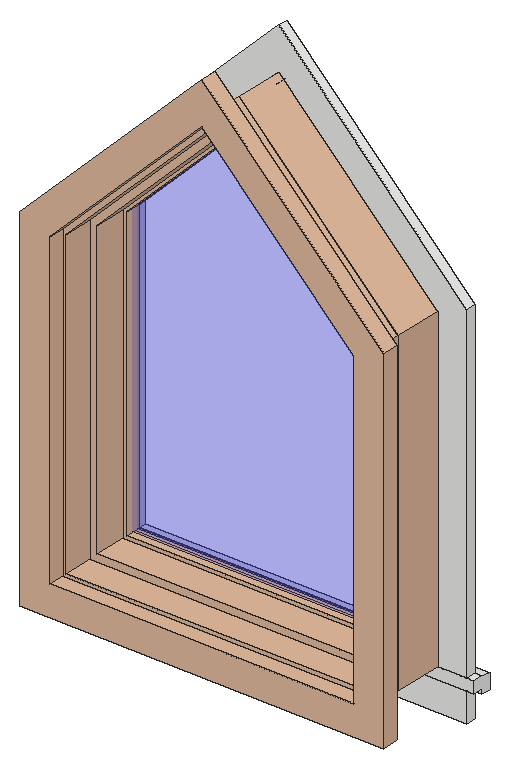
Revit family "2f8c640f82cc4c33a424db4873c3c6c3", category Windows, host Wall, Revit 2021
Family settings
  Host = Wall
  OmniClass Number = 23.30.20.17.11
  OmniClass Title = Fixed Windows
  Always vertical = Yes
  Cut with Voids When Loaded = No
  Shared = No
  Room Calculation Point = No
Parameters (values of type "24" x 36"")
  Window Inset [instance] = 0' - 0"
  Wall Thickness [instance] = 0' - 6"
  Visual Light Transmittance = 0.81
  Peak Height = 1' - 0"
  Thermal Resistance (R) = 1.8146 (h·ft²·°F)/BTU
  Solar Heat Gain Coefficient = 0.76
  Rough Width = Width + 0' 0 1/2"  # 2' - 0 1/2"
  Rough Height = Height + 0' 0 1/2"  # 3' - 0 1/2"
  Side Height = 2' - 0"
  Interior Wall Closure [instance] = 0' - 2 1/4"
  Interior Trim Visibility [instance] = yes
  Interior Trim Material = Wood - Stained
  Interior Trim = Trim-Window-Interior-Flat-Pentagon : Picture Frame
  Height = Peak Height + Side Height  # 3' - 0"
  Interior Frame Material = Wood - Stained
  Heat Transfer Coefficient (U) = 0.5511 BTU/(h·ft²·°F)
  Glass Panel Material = Glass
  Frame Extension [instance] = if(Exterior Trim Visibility, Window Inset + 0' 0 1/4", 0' 0 1/4")  # 0' - 0 1/4"
  Fire Rating = "0.5h"
  Exterior Wall Closure [instance] = 0' - 1 1/4"
  Exterior Trim Visibility [instance] = yes
  Exterior Trim Material = Clad - White
  Exterior Trim = Trim-Window-Exterior-Flat-Pentagon : with Sill
  Exterior Frame Material = Clad - White
  Extension Jamb Visibility [instance] = and(Interior Trim Visibility, Wall Thickness - Window Inset > 0' 3 3/4")  # yes
  Extension Jamb [instance] = if(Wall Thickness - Window Inset > 0' 3 3/4", Wall Thickness - Window Inset - 0' 3 3/4", 0' 1")  # 0' - 2 1/4"
  Distance 6 = (0' 1 1/2" - cos(Angle) * 0' 1 1/2") / sin(Angle)  # 0' - 0.62132"
  Distance 5 = (0' 0 3/4" - cos(Angle) * 0' 0 3/4") / sin(Angle)  # 0' - 0.31066"
  Distance 3 = 0' 1 1/2" / sin(Angle)  # 0' - 2.12132"
  Distance 2 = 0' 0 3/4" / sin(Angle)  # 0' - 1.06066"
  Distance 1 = 0' 0 1/2" / sin(Angle)  # 0' - 0.70711"
  Distance 4 = (0' 0 1/2" - cos(Angle) * 0' 0 1/2") / sin(Angle)  # 0' - 0.20711"
  Default Sill Height = 3' - 0"
  Wall Closure = By host
  Width = 2' - 0"
  Assembly Code = "B2020100"
  Angle = atan(0.5 * Width / Peak Height)  # 45.00°
  Analytic Construction = "Double glazing - domestic"
Reference planes (in)
  plane 1 "Center (Front/Back)": y = 0
  plane 2: z = 0
  plane 3 "Center (Left/Right)": x = 0
  plane 4 "Left": x = -12
  plane 5 "Right": x = 12
  plane 6 "Sill": z = 36
  plane 7 "Top": z = 72
  plane 8 "Inset Face": y = 3
  plane 9 "Wall Closure": y = -0.75
  plane 10 "Sash Face": y = 3.5
  plane 11 "Exterior": y = 3
  plane 12: x = 11.5
  plane 13: x = -11.5
  plane 14: z = 71.5
  plane 15: z = 36.5
  plane 16: x = 10.5
  plane 17: x = -10.5
  plane 18: z = 70.5
  plane 19: z = 37.5
  plane 20: y = 2.25
  plane 21 "Glass": y = 2.625
  plane 22: y = 3.75
  plane 23: y = 3.75
  plane 24 "Interior": y = -3
  plane 25 "Jamb": y = -0.75
  plane 26: z = 60
  plane 27: z = 45
  plane 28: y = -0.75
  plane 29: y = 1.75
  plane 30: x = 11.25
  plane 31: x = -11.25
  plane 32: z = 71.29289
  plane 33: z = 70.93934
  plane 34: z = 69.87868
  plane 35: z = 59.79289
  plane 36: z = 59.68934
  plane 37: z = 59.37868
  plane 38: y = 3.75
Forms (in)
  Sweep 1, solid, material "Wood - Stained" <- "Interior Frame Material"
    path origin (0, 3.5, 0) x (-1, 0, 0) y (0, 0, 1)
      loop
        line (-12, 36) -> (12, 36) -> (12, 60) -> (0, 72) -> (-12, 60) -> (-12, 36)
    profile origin (12, 3.5, 48) x (1, 0, 0) y (0, 1, 0)
      loop
        line (0, 0.25) -> (-0.5, 0.25) -> (-0.5, -1.75) -> (-1.25, -1.75) -> (-1.25, -4.25) -> (0, -4.25) -> (0, 0.25)
  Extrusion 2, solid, material "Wood - Stained" <- "Interior Frame Material", visible <- "Extension Jamb Visibility"
    sketch origin (0, 0, 0) x (1, 0, 0) y (0, 0, 1)
      loop
        line (12, 36) -> (12, 60) -> (0, 72) -> (-12, 60) -> (-12, 36) -> (12, 36)
      loop
        line (11.25, 36.75) -> (11.25, 59.68934) -> (0, 70.93934) -> (-11.25, 59.68934) -> (-11.25, 36.75) -> (11.25, 36.75)
    from 0.75 to 3
  Sweep 3, solid, material "Wood - Stained" <- "Interior Frame Material"
    path origin (0, 3.5, 0) x (-1, 0, 0) y (0, 0, 1)
      loop
        line (-11.5, 36.5) -> (11.5, 36.5) -> (11.5, 59.79289) -> (0, 71.29289) -> (-11.5, 59.79289) -> (-11.5, 36.5)
    profile origin (11.5, 3.5, 48.14645) x (1, 0, 0) y (0, 1, 0)
      loop
        line (0, -0.5) -> (-1, -0.5) -> (-1, -1.75) -> (0, -1.75) -> (0, -0.5)
  Extrusion 4, solid, material "Glass" <- "Glass Panel Material"
    sketch origin (-27.46716, 2.625, 48) x (-1, 0, 0) y (0, 0, 1)
      loop
        line (-37.96716, -10.5) -> (-16.96716, -10.5) -> (-16.96716, 11.37868) -> (-27.46716, 21.87868) -> (-37.96716, 11.37868) -> (-37.96716, -10.5)
    from 0.125 to 0.375
  Extrusion 5, solid, material "Glass" <- "Glass Panel Material"
    sketch origin (-27.46716, 2.625, 48) x (-1, 0, 0) y (0, 0, 1)
      loop
        line (-37.96716, -10.5) -> (-16.96716, -10.5) -> (-16.96716, 11.37868) -> (-27.46716, 21.87868) -> (-37.96716, 11.37868) -> (-37.96716, -10.5)
    from -0.125 to -0.375
  Sweep 6, solid, material "Clad - White" <- "Exterior Frame Material"
    path origin (0, 0, 0) x (1, 0, 0) y (0, 0, 1)
      loop
        line (-11.5, 36.5) -> (11.5, 36.5) -> (11.5, 59.79289) -> (0, 71.29289) -> (-11.5, 59.79289) -> (-11.5, 36.5)
    profile origin (-11.5, 0, 48.14645) x (-1, 0, 0) y (0, -1, 0)
      loop
        line (-1, -3.5) -> (0, -3.5) -> (0, -3) -> (-1, -3) -> (-1, -3.5)
Lines and regions (in)
  Opening 1
    outline origin (-60, -3, 0) x (1, 0, 0) y (0, 0, 1)
      loop
        line (48, 60) -> (48, 36) -> (72, 36) -> (72, 60) -> (60, 72) -> (48, 60)
  Split face 1
    outline origin (-10.5, 1.75, 37.5) x (1, 0, 0) y (0, 1, 0)
      loop
        line (0, 0.75) -> (21, 0.75)
  reference lines
    curve 1: line (12, 0, 60) -> (0, 0, 72)
    curve 2: line (0, 0, 72) -> (-12, 0, 60)
    curve 3: line (-12, 0, 60) -> (0, 0, 72)
    curve 4: line (11.5, 0, 59.79289) -> (0, 0, 71.29289)
    curve 5: line (0, 0, 71.29289) -> (-11.5, 0, 59.79289)
    curve 6: line (11.25, 0, 59.68934) -> (0, 0, 70.93934)
    curve 7: line (0, 0, 70.93934) -> (-11.25, 0, 59.68934)
    curve 8: line (10.5, 0, 59.37868) -> (0, 0, 69.87868)
    curve 9: line (0, 0, 69.87868) -> (-10.5, 0, 59.37868)
Text (in)
  text "EXTERIOR" at (-58.6888, 50.90694, 0), in view "Ref. Level"
  text "INTERIOR" at (-58.6888, -37.76638, 0), in view "Ref. Level"
  text "Exterior" at (0, 43.65631, 123.19604), in view "Left"
  text "Exterior" at (0, 18.29385, 125.04747), in view "Right"
Dimensions and locks (in)
  equal spacing: plane 4 "Left", plane 3 "Center (Left/Right)", plane 5 "Right"
  "Width": plane 4 "Left" to plane 5 "Right"
  "Default Sill Height": plane 2 to plane 6 "Sill"
  locked: plane 10 "Sash Face" to plane 8 "Inset Face" at 0.5
  "Wall Thickness": host wall to host wall
  "Window Inset": plane 11 "Exterior" to plane 8 "Inset Face"
  locked: Sweep 1 sketch curve to plane 5 "Right" at 1.25
  locked: Sweep 1 sketch curve to plane 5 "Right" at 0.5
  locked: plane 10 "Sash Face" to Sweep 1 sketch curve at 1.75
  locked: plane 12 to plane 5 "Right" at 0.5
  locked: plane 4 "Left" to plane 13 at 0.5
  locked: plane 14 to plane 7 "Top" at 0.5
  locked: plane 6 "Sill" to plane 15 at 0.5
  locked: plane 16 to plane 12 at 1
  locked: plane 13 to plane 17 at 1
  locked: plane 18 to plane 14 at 1
  locked: plane 15 to plane 19 at 1
  locked: Extrusion 2 sketch curve to plane 5 "Right" at 0.75
  locked: Extrusion 2 sketch curve to plane 4 "Left" at 0.75
  locked: plane 6 "Sill" to Extrusion 2 sketch curve at 0.75
  equal spacing: plane 8 "Inset Face", plane 21 "Glass", plane 20
  locked: plane 8 "Inset Face" to plane 20 at 0.75
  locked: plane 22 to plane 11 "Exterior" at 0.75
  locked: plane 23 to plane 10 "Sash Face" at 0.25
  "Extension Jamb": plane 25 "Jamb" to plane 24 "Interior"
  locked: plane 8 "Inset Face" to plane 9 "Wall Closure" at 3.75
  "Interior Wall Closure": plane 28 to plane 24 "Interior"
  "Exterior Wall Closure": plane 11 "Exterior" to plane 29
  "Side Height": plane 6 "Sill" to plane 26
  "Peak Height": plane 26 to plane 7 "Top"
  locked: plane 4 "Left" to plane 31 at 0.75
  locked: plane 30 to plane 5 "Right" at 0.75
  "Distance 1": plane 32 to plane 7 "Top"
  "Distance 2": plane 33 to plane 7 "Top"
  "Distance 3": plane 34 to plane 7 "Top"
  "Distance 4": plane 35 to plane 26
  "Distance 5": plane 36 to plane 26
  "Distance 6": plane 37 to plane 26
  "Frame Extension": plane 38 to plane 10 "Sash Face"
  aligned and locked: plane 6 "Sill" to Opening 1 sketch curve  (x2)
  aligned and locked: level to plane 2
  aligned and locked: host wall to plane 11 "Exterior"
  aligned and locked: plane 5 "Right" to Sweep 1 sketch curve  (x2)
  aligned and locked: Sweep 1 sketch curve to plane 4 "Left"
  aligned and locked: Sweep 1 sketch curve to plane 6 "Sill"
  aligned and locked: Extrusion 2 sketch curve to host wall  (x3)
  aligned and locked: host wall to Extrusion 2
  aligned and locked: plane 15 to Sweep 3 sketch curve
  aligned and locked: plane 24 "Interior" to host wall
  aligned and locked: plane 25 "Jamb" to Extrusion 2
  aligned and locked: plane 9 "Wall Closure" to Sweep 1
  aligned and locked: nested 1 to plane 4 "Left"
  aligned and locked: plane 11 "Exterior" to nested 1
  aligned and locked: plane 12 to Sweep 3 sketch curve
  aligned and locked: plane 16 to Sweep 3 sketch curve
  aligned and locked: plane 16 to Extrusion 4 sketch curve
  aligned and locked: plane 17 to Extrusion 4 sketch curve
  aligned and locked: Extrusion 4 sketch curve to plane 19
  aligned and locked: plane 16 to Extrusion 5 sketch curve
  aligned and locked: Extrusion 5 sketch curve to plane 19
  aligned and locked: plane 17 to Extrusion 5 sketch curve
  aligned and locked: Sweep 3 sketch curve to plane 13
  aligned and locked: plane 8 "Inset Face" to Sweep 3 sketch curve
  aligned and locked: Sweep 6 sketch curve to plane 12
  aligned and locked: plane 13 to Sweep 6 sketch curve
  aligned and locked: Sweep 6 sketch curve to plane 15
  aligned and locked: plane 10 "Sash Face" to Sweep 6 sketch curve
  aligned and locked: Sweep 6 sketch curve to plane 17
  aligned and locked: Sweep 6 sketch curve to Sweep 3  (x2)
  aligned and locked: plane 7 "Top" to nested 1
  aligned and locked: plane 7 "Top" to nested 3
  aligned and locked: plane 7 "Top" to nested 2
  aligned and locked: nested 2 to plane 3 "Center (Left/Right)"
  aligned and locked: plane 3 "Center (Left/Right)" to nested 3
  aligned and locked: plane 5 "Right" to curve 1
  aligned and locked: plane 4 "Left" to curve 3
  aligned and locked: plane 3 "Center (Left/Right)" to curve 2
  aligned and locked: plane 3 "Center (Left/Right)" to curve 7
  aligned and locked: plane 3 "Center (Left/Right)" to curve 8
  aligned and locked: plane 16 to curve 8
  aligned and locked: plane 17 to curve 9
  aligned and locked: Sweep 1 sketch curve to curve 1
  aligned and locked: Sweep 1 sketch curve to curve 3
  aligned and locked: plane 3 "Center (Left/Right)" to Sweep 1 sketch curve
  aligned and locked: plane 7 "Top" to Sweep 1 sketch curve
  aligned and locked: Opening 1 sketch curve to curve 1
  aligned and locked: Opening 1 sketch curve to curve 3
  aligned and locked: plane 5 "Right" to Opening 1 sketch curve
  aligned and locked: plane 3 "Center (Left/Right)" to Opening 1 sketch curve
  aligned and locked: plane 4 "Left" to Opening 1 sketch curve
  aligned and locked: plane 7 "Top" to Opening 1 sketch curve
  aligned and locked: plane 32 to curve 5
  aligned and locked: plane 33 to curve 6
  aligned and locked: plane 34 to curve 8
  aligned and locked: plane 30 to curve 6
  aligned and locked: plane 12 to curve 4
  aligned and locked: plane 31 to curve 7
  aligned and locked: plane 13 to curve 5
  aligned and locked: plane 35 to curve 4
  aligned and locked: curve 5 to plane 35
  aligned and locked: plane 7 "Top" to curve 2
  aligned and locked: plane 36 to curve 6
  aligned and locked: plane 36 to curve 7
  aligned and locked: plane 37 to curve 8
  aligned and locked: plane 37 to curve 9
  aligned and locked: plane 26 to curve 3
  aligned and locked: plane 26 to curve 1
  aligned and locked: Extrusion 2 sketch curve to Sweep 1  (x2)
  aligned and locked: Extrusion 2 sketch curve to curve 6
  aligned and locked: Extrusion 2 sketch curve to curve 7
  aligned and locked: Sweep 6 sketch curve to Sweep 1  (x2)
  aligned and locked: Sweep 3 sketch curve to Sweep 1  (x2)
  aligned and locked: Extrusion 4 sketch curve to Sweep 6  (x2)
  aligned and locked: Extrusion 5 sketch curve to Sweep 6  (x2)
  aligned and locked: plane 38 to Sweep 1 sketch curve
Automatic sketch dimensions
  Sweep 1 sketch curve to profile plane = 0' - 0"
  Sweep 1 sketch curve to Sweep 1 sketch curve = 0' - 2 1/2"
  Split face 1 sketch curve to Sweep 3 = 0' - 0"  (x2)
  Sweep 3 sketch curve to profile plane = 0' - 0"
  Sweep 3 sketch curve to plane 10 "Sash Face" = 0' - 1 3/4"
  curve 4 to plane 3 "Center (Left/Right)" = 0' - 0"
  Split face 1 sketch curve to Sweep 3 = 0' - 0 1/2"
Nested families (in)
  nested 1: "Plan-Fixed" at (0, 3, 36) x (-1, 0, 0) z (0, 0, 1), Width <- "Width", Window Inset <- "Window Inset", Wall Thickness <- "Wall Thickness", Height <- "Height", type "Plan-Fixed"
    with Window Inset of 3D 0' - 0", Window Inset 0' - 0", Width 2' - 0", Wall Thickness 0' - 6", Height 3' - 0"
  nested 2: "Trim-Window-Exterior-Flat-Pentagon" at (0, 3, 72) x (-1, 0, 0) z (0, 1, 0), visible <- "Exterior Trim Visibility", Trim Material <- "Exterior Trim Material", Opening Width <- "Width", type <- "Exterior Trim", Opening Height <- "Height", Side Height <- "Side Height", type "with Sill"
    with Trim Material Clad - White, Side Height 2' - 0", Peak Height 1' - 0", Opening Width 2' - 0", Opening Height 3' - 0", Distance 2 0' - 0.93198", Distance 1 0' - 3.18198", Angle 45.00°
  nested 3: "Trim-Window-Interior-Flat-Pentagon" at (0, -3, 72) x (1, 0, 0) z (0, -1, 0), visible <- "Interior Trim Visibility", Trim Material <- "Interior Trim Material", Opening Width <- "Width", type <- "Interior Trim", Opening Height <- "Height", Side Height <- "Side Height", type "Picture Frame"
    with Trim Material Wood - Stained, Side Height 2' - 0", Peak Height 1' - 0", Opening Width 2' - 0", Opening Height 3' - 0", Distance 4 0' - 0.72487", Distance 3 0' - 0.93198", Distance 2 0' - 2.47487", Distance 1 0' - 3.18198", Angle 45.00°
Definition of nested family "Trim-Window-Exterior-Flat-Pentagon"
  Parameters (values of type "with Sill")
    Peak Height [instance] = Opening Height - Side Height  # 1' - 0"
    Trim Width = 0' - 2 1/4"
    Trim Thickness_Picture Frame = 0' - 1 1/4"
    Trim Thickness_with Sill = 0' - 0 3/4"
    Trim Material [instance] = none
    Sill Thickness = 0' - 1 1/4"
    Sill = yes
    Picture Frame = no
    Opening Width [instance] = 2' - 0"
    Opening Height [instance] = 3' - 0"
    Side Height [instance] = 2' - 0"
    Distance 2 [instance] = (Trim Width - cos(Angle) * Trim Width) / sin(Angle)  # 0' - 0.93198"
    Distance 1 [instance] = Trim Width / sin(Angle)  # 0' - 3.18198"
    Default Elevation = 4' - 0"
    Angle [instance] = atan(0.5 * Opening Width / Peak Height)  # 45.00°
  Types (2): name | Sill | Picture Frame
    with Sill | yes | no
    Picture Frame | no | yes
  Reference planes (in)
    plane 1 "Center (Front/Back)": y = 0
    plane 2: z = 0
    plane 3 "Center (Left/Right)": x = 0
    plane 4 "Left": x = -12
    plane 5 "Right": x = 12
    plane 6 "Bottom": y = -36
    plane 7: y = -37.25
    plane 8: y = -39.12332
    plane 9: x = 14.25
    plane 10: x = -14.25
    plane 11: z = 0.75
    plane 12: z = 1.25
    plane 13: x = 14.75
    plane 14: x = -14.75
    plane 15: y = -36.87332
    plane 16: y = -38.25
    plane 17: z = 0.5
    plane 18: z = 1.5
    plane 19: y = -12
    plane 20: y = 3.18198
    plane 21: y = -11.06802
  Forms (in)
    Extrusion 1, solid
      sketch origin (0, 0, 0) x (1, 0, 0) y (0, 1, 0)
        loop
          line (-14.25, 3.18198) -> (-14.25, -36) -> (14.25, -36) -> (14.25, 3.18198) -> (-14.25, 3.18198)
      from 0 to -12
    Extrusion 2, solid, material <- "Trim Material", visible <- "Sill"
      sketch origin (0, 0, 0) x (1, 0, 0) y (0, 1, 0)
        loop
          line (-14.25, -36) -> (-12, -36) -> (-12, -12) -> (0, 0) -> (12, -12) -> (12, -36) -> (14.25, -36) -> (14.25, -11.06802) -> (0, 3.18198) -> (-14.25, -11.06802) -> (-14.25, -36)
      from 0 to 0.75
    Extrusion 3, solid, material <- "Trim Material", visible <- "Sill"
      sketch origin (0, 0, 0) x (0, 1, 0) y (0, 0, 1)
        loop
          line (-36.09677, 1.5) -> (-37.25, 1.5) -> (-37.25, 0.75) -> (-36.87332, 0.75) -> (-36.87332, 0) -> (-36, 0) -> (-36, 0.75) -> (-36.09677, 1.5)
      from -14.75 to 14.75
    Extrusion 4, solid, material <- "Trim Material", visible <- "Sill"
      sketch origin (0, 0, 0) x (1, 0, 0) y (0, 1, 0)
        loop
          line (-14.25, -36.87332) -> (-14.25, -39.12332) -> (14.25, -39.12332) -> (14.25, -36.87332) -> (-14.25, -36.87332)
      from 0 to 0.75
    Extrusion 5, solid, material <- "Trim Material", visible <- "Picture Frame"
      sketch origin (0, 0, 0) x (1, 0, 0) y (0, 1, 0)
        loop
          line (-12, -36) -> (12, -36) -> (12, -12) -> (0, 0) -> (-12, -12) -> (-12, -36)
        loop
          line (-14.25, -38.25) -> (14.25, -38.25) -> (14.25, -11.06802) -> (0, 3.18198) -> (-14.25, -11.06802) -> (-14.25, -38.25)
      from 0 to 1.25
  Lines and regions (in)
    reference lines
      curve 1: line (-12, -12, 0) -> (0, 0, 0)
      curve 2: line (0, 0, 0) -> (12, -12, 0)
      curve 3: line (-14.25, -11.06802, 0) -> (0, 3.18198, 0)
      curve 4: line (0, 3.18198, 0) -> (14.25, -11.06802, 0)
  Dimensions and locks (in)
    equal spacing: plane 4 "Left", plane 3 "Center (Left/Right)", plane 5 "Right"
    "Opening Width": plane 4 "Left" to plane 5 "Right"
    "Sill Thickness": plane 6 "Bottom" to plane 7
    "Trim Width": plane 10 to plane 4 "Left"
    "Trim Width": plane 5 "Right" to plane 9
    locked: plane 14 to plane 10 at 0.5
    locked: plane 9 to plane 13 at 0.5
    locked: plane 15 to plane 7 at 0.37668
    "Trim Width": plane 8 to plane 15
    "Trim Width": plane 16 to plane 6 "Bottom"
    locked: plane 17 to plane 2 at 0.5
    locked: plane 18 to plane 11 at 0.75
    "Trim Thickness_with Sill": plane 11 to plane 2
    "Trim Thickness_Picture Frame": plane 12 to plane 2
    "Side Height": plane 19 to plane 6 "Bottom"
    "Distance 1": plane 20 to plane 1 "Center (Front/Back)"
    "Distance 2": plane 21 to plane 19
    "Opening Height": plane 6 "Bottom" to plane 1 "Center (Front/Back)"
    aligned and locked: plane 2 to Extrusion 1
    aligned and locked: level to Extrusion 1
    aligned and locked: Extrusion 2 sketch curve to plane 4 "Left"
    aligned and locked: Extrusion 2 sketch curve to plane 10
    aligned and locked: plane 9 to Extrusion 2 sketch curve
    aligned and locked: Extrusion 2 sketch curve to plane 5 "Right"
    aligned and locked: plane 11 to Extrusion 2
    aligned and locked: Extrusion 3 sketch curve to level
    aligned and locked: plane 6 "Bottom" to Extrusion 3 sketch curve
    aligned and locked: Extrusion 3 sketch curve to plane 7
    aligned and locked: plane 14 to Extrusion 3
    aligned and locked: Extrusion 3 to plane 13
    aligned and locked: plane 9 to Extrusion 4 sketch curve
    aligned and locked: Extrusion 4 sketch curve to plane 10
    aligned and locked: plane 15 to Extrusion 4 sketch curve
    aligned and locked: plane 8 to Extrusion 4 sketch curve
    aligned and locked: Extrusion 4 to Extrusion 2
    aligned and locked: Extrusion 5 sketch curve to plane 5 "Right"
    aligned and locked: plane 9 to Extrusion 5 sketch curve
    aligned and locked: Extrusion 5 sketch curve to plane 4 "Left"
    aligned and locked: Extrusion 5 sketch curve to plane 10
    aligned and locked: plane 12 to Extrusion 5
    aligned and locked: plane 18 to Extrusion 3
    aligned and locked: plane 19 to curve 1
    aligned and locked: plane 4 "Left" to curve 1
    aligned and locked: plane 19 to curve 2
    aligned and locked: plane 5 "Right" to curve 2
    aligned and locked: plane 1 "Center (Front/Back)" to curve 2
    aligned and locked: plane 3 "Center (Left/Right)" to curve 2
    aligned and locked: plane 9 to curve 4
    aligned and locked: plane 10 to curve 3
    aligned and locked: plane 3 "Center (Left/Right)" to curve 3
    aligned and locked: plane 21 to curve 4
    aligned and locked: plane 21 to curve 3
    aligned and locked: plane 20 to curve 4
    aligned and locked: Extrusion 5 sketch curve to plane 16
    aligned and locked: plane 6 "Bottom" to Extrusion 5 sketch curve
    aligned and locked: Extrusion 5 sketch curve to curve 3
    aligned and locked: Extrusion 5 sketch curve to curve 1
    aligned and locked: Extrusion 5 sketch curve to curve 2
    aligned and locked: Extrusion 5 sketch curve to curve 4
    aligned and locked: plane 6 "Bottom" to Extrusion 2 sketch curve  (x2)
    aligned and locked: Extrusion 2 sketch curve to curve 1
    aligned and locked: Extrusion 2 sketch curve to curve 3
    aligned and locked: Extrusion 2 sketch curve to curve 2
    aligned and locked: Extrusion 2 sketch curve to curve 4
  Automatic sketch dimensions
    Extrusion 1 sketch curve to Extrusion 1 sketch curve = 2' - 4 1/2"
    Extrusion 1 sketch curve to Extrusion 1 sketch curve = 3' - 3.18198"
    Extrusion 3 sketch curve to plane 15 = 0' - 0"
    Extrusion 3 sketch curve to plane 11 = 0' - 0"  (x2)
    Extrusion 3 sketch curve to plane 6 "Bottom" = 0' - 0.09677"
    plane 12 to Extrusion 3 sketch curve = 0' - 0 1/4"
Definition of nested family "Trim-Window-Interior-Flat-Pentagon"
  Parameters (values of type "with Sill")
    Peak Height [instance] = Opening Height - Side Height  # 1' - 0"
    Trim Thickness_Picture Frame = 0' - 1 1/4"
    Trim Width = 0' - 2 1/4"
    Trim Thickness_with Sill = 0' - 0 3/4"
    Trim Material [instance] = none
    Sill Thickness = 0' - 1 1/4"
    Sill = yes
    Picture Frame = no
    Opening Width [instance] = 2' - 0"
    Opening Height [instance] = 3' - 0"
    Side Height [instance] = 2' - 0"
    Distance 4 [instance] = ((Trim Width - 0' 0 1/2") - cos(Angle) * (Trim Width - 0' 0 1/2")) / sin(Angle)  # 0' - 0.72487"
    Distance 3 [instance] = (Trim Width - cos(Angle) * Trim Width) / sin(Angle)  # 0' - 0.93198"
    Distance 2 [instance] = (Trim Width - 0' 0 1/2") / sin(Angle)  # 0' - 2.47487"
    Distance 1 [instance] = Trim Width / sin(Angle)  # 0' - 3.18198"
    Default Elevation = 4' - 0"
    Angle [instance] = atan(0.5 * Opening Width / Peak Height)  # 45.00°
  Types (2): name | Sill | Picture Frame
    with Sill | yes | no
    Picture Frame | no | yes
  Reference planes (in)
    plane 1 "Center (Front/Back)": y = 0
    plane 2: z = 0
    plane 3 "Center (Left/Right)": x = 0
    plane 4 "Left": x = -12
    plane 5 "Right": x = 12
    plane 6 "Bottom": y = -36
    plane 7: y = -37.25
    plane 8: y = -39.12332
    plane 9: x = 13.75
    plane 10: x = -13.75
    plane 11: z = 0.75
    plane 12: z = 1.25
    plane 13: x = 14.25
    plane 14: x = -14.25
    plane 15: y = -36.87332
    plane 16: y = -37.75
    plane 17: z = 0.5
    plane 18: x = -11.5
    plane 19: y = -0.5
    plane 20: x = 11.5
    plane 21: y = -35.5
    plane 22: x = -13.25
    plane 23: x = 13.25
    plane 24: y = -12
    plane 25: y = 1.97487
    plane 26: y = 2.68198
    plane 27: y = -11.06802
    plane 28: y = -11.27513
  Forms (in)
    Extrusion 1, solid
      sketch origin (0, 0, 0) x (1, 0, 0) y (0, 1, 0)
        loop
          line (-13.75, 2.68198) -> (-13.75, -36) -> (13.75, -36) -> (13.75, 2.68198) -> (-13.75, 2.68198)
      from 0 to -12
    Extrusion 2, solid, material <- "Trim Material", visible <- "Sill"
      sketch origin (0, 0, 0) x (1, 0, 0) y (0, 1, 0)
        loop
          line (-13.25, -36) -> (-11.5, -36) -> (-11.5, -12) -> (0, -0.5) -> (11.5, -12) -> (11.5, -36) -> (13.25, -36) -> (13.25, -11.27513) -> (0, 1.97487) -> (-13.25, -11.27513) -> (-13.25, -36)
      from 0 to 0.75
    Extrusion 3, solid, material <- "Trim Material", visible <- "Sill"
      sketch origin (0, 0, 0) x (0, 1, 0) y (0, 0, 1)
        loop
          line (-36.5, 1.5) -> (-36.87332, 1.5) -> (-36.87332, 0) -> (-36, 0) -> (-36, 1)
          arc (-36, 1) -> (-36.14645, 1.35355) -> (-36.5, 1.5) r 0.5
      from -13.75 to 13.75
    Extrusion 4, solid, material <- "Trim Material", visible <- "Sill"
      sketch origin (0, 0, 0) x (1, 0, 0) y (0, 1, 0)
        loop
          line (-13.25, -36.87332) -> (-13.25, -39.12332) -> (13.25, -39.12332) -> (13.25, -36.87332) -> (-13.25, -36.87332)
      from 0 to 0.75
    Extrusion 5, solid, material <- "Trim Material", visible <- "Picture Frame"
      sketch origin (0, 0, 0) x (1, 0, 0) y (0, 1, 0)
        loop
          line (-11.5, -35.5) -> (11.5, -35.5) -> (11.5, -12) -> (0, -0.5) -> (-11.5, -12) -> (-11.5, -35.5)
        loop
          line (-13.75, -37.75) -> (13.75, -37.75) -> (13.75, -11.06802) -> (0, 2.68198) -> (-13.75, -11.06802) -> (-13.75, -37.75)
      from 0 to 1.25
  Lines and regions (in)
    reference lines
      curve 1: line (-11.5, -12, 0) -> (0, -0.5, 0)
      curve 2: line (0, -0.5, 0) -> (11.5, -12, 0)
      curve 3: line (-13.25, -11.27513, 0) -> (0, 1.97487, 0)
      curve 4: line (0, 1.97487, 0) -> (13.25, -11.27513, 0)
      curve 5: line (-13.75, -11.06802, 0) -> (0, 2.68198, 0)
      curve 6: line (0, 2.68198, 0) -> (13.75, -11.06802, 0)
  Dimensions and locks (in)
    equal spacing: plane 4 "Left", plane 3 "Center (Left/Right)", plane 5 "Right"
    "Opening Width": plane 4 "Left" to plane 5 "Right"
    "Sill Thickness": plane 6 "Bottom" to plane 7
    "Trim Width": plane 10 to plane 18
    "Trim Width": plane 20 to plane 9
    "Trim Thickness_with Sill": plane 11 to plane 2
    locked: plane 14 to plane 10 at 0.5
    locked: plane 9 to plane 13 at 0.5
    locked: plane 15 to plane 7 at 0.37668
    "Trim Width": plane 8 to plane 15
    "Trim Width": plane 16 to plane 21
    plane 19 to plane 1 "Center (Front/Back)" = 0' - 0 1/2"
    plane 4 "Left" to plane 18 = 0' - 0 1/2"
    plane 20 to plane 5 "Right" = 0' - 0 1/2"
    plane 21 to plane 6 "Bottom" = 0' - 0 1/2"
    locked: plane 10 to plane 22 at 0.5
    locked: plane 23 to plane 9 at 0.5
    "Trim Thickness_Picture Frame": plane 12 to plane 2
    locked: Extrusion 3 to plane 11 at 0.75
    locked: plane 11 to Extrusion 3 sketch curve at 0.75
    "Side Height": plane 24 to plane 6 "Bottom"
    "Distance 2": plane 25 to plane 19
    "Distance 1": plane 26 to plane 19
    "Distance 3": plane 27 to plane 24
    "Distance 4": plane 28 to plane 24
    "Opening Height": plane 6 "Bottom" to plane 1 "Center (Front/Back)"
    radius of Extrusion 3 sketch curve = 0' - 0 1/2"
    aligned and locked: plane 2 to Extrusion 1
    aligned and locked: level to Extrusion 1
    aligned and locked: plane 11 to Extrusion 2
    aligned and locked: Extrusion 3 sketch curve to level
    aligned and locked: plane 6 "Bottom" to Extrusion 3 sketch curve
    aligned and locked: plane 15 to Extrusion 4 sketch curve
    aligned and locked: plane 8 to Extrusion 4 sketch curve
    aligned and locked: plane 9 to Extrusion 5 sketch curve
    aligned and locked: Extrusion 5 sketch curve to plane 10
    aligned and locked: plane 12 to Extrusion 5
    aligned and locked: Extrusion 5 sketch curve to plane 18
    aligned and locked: Extrusion 5 sketch curve to plane 20
    aligned and locked: Extrusion 4 to plane 23
    aligned and locked: plane 10 to Extrusion 3
    aligned and locked: Extrusion 3 to plane 9
    aligned and locked: Extrusion 2 sketch curve to plane 20
    aligned and locked: Extrusion 2 sketch curve to plane 23
    aligned and locked: Extrusion 2 sketch curve to plane 18
    aligned and locked: Extrusion 2 sketch curve to plane 22
    aligned and locked: plane 11 to Extrusion 4
    aligned and locked: plane 24 to curve 1
    aligned and locked: plane 18 to curve 1
    aligned and locked: plane 24 to curve 2
    aligned and locked: plane 20 to curve 2
    aligned and locked: plane 19 to curve 1
    aligned and locked: plane 3 "Center (Left/Right)" to curve 1
    aligned and locked: plane 3 "Center (Left/Right)" to curve 3
    aligned and locked: plane 22 to curve 3
    aligned and locked: plane 23 to curve 4
    aligned and locked: plane 25 to curve 4
    aligned and locked: plane 10 to curve 5
    aligned and locked: plane 9 to curve 6
    aligned and locked: plane 26 to curve 6
    aligned and locked: plane 27 to curve 5
    aligned and locked: plane 28 to curve 3
    aligned and locked: plane 28 to curve 4
    aligned and locked: plane 27 to curve 6
    aligned and locked: Extrusion 5 sketch curve to plane 16
    aligned and locked: plane 21 to Extrusion 5 sketch curve
    aligned and locked: Extrusion 5 sketch curve to curve 1
    aligned and locked: Extrusion 5 sketch curve to curve 5
    aligned and locked: Extrusion 5 sketch curve to curve 2
    aligned and locked: Extrusion 5 sketch curve to curve 6
    aligned and locked: plane 6 "Bottom" to Extrusion 2 sketch curve  (x2)
    aligned and locked: Extrusion 2 sketch curve to Extrusion 5  (x2)
    aligned and locked: Extrusion 2 sketch curve to curve 3
    aligned and locked: Extrusion 2 sketch curve to curve 4
    aligned and locked: plane 28 to Extrusion 2 sketch curve  (x2)
    aligned and locked: plane 24 to Extrusion 2 sketch curve
    aligned and locked: plane 3 "Center (Left/Right)" to Extrusion 2 sketch curve  (x2)
  Automatic sketch dimensions
    Extrusion 1 sketch curve to Extrusion 1 sketch curve = 2' - 3 1/2"
    Extrusion 1 sketch curve to Extrusion 1 sketch curve = 3' - 2.68198"
    Extrusion 3 sketch curve to plane 15 = 0' - 0"
    Extrusion 4 sketch curve to plane 10 = 0' - 0 1/2"
    Extrusion 4 sketch curve to plane 23 = 0' - 0"
    curve 6 to plane 3 "Center (Left/Right)" = 0' - 0"
Definition of nested family "Plan-Fixed"
  Parameters (values of type "Plan-Fixed")
    Window Inset [instance] = 0' - 1"
    Window Inset of 3D [instance] = if(Window Inset - 0' 0 1/2" < 0' 0", 0' 0", if(Window Inset - 0' 0 1/2" < Wall Thickness - 0' 3 1/2", Window Inset - 0' 0 1/2", Wall Thickness - 0' 3 1/2"))  # 0' - 0 1/2"
    Width [instance] = 4' - 0"
    Wall Thickness [instance] = 0' - 6"
    Height [instance] = 3' - 0"
    Default Elevation = 4' - 0"
    Analytic Construction = "<None>"
  Reference planes (in)
    plane 1 "Center (Front/Back)": y = 0
    plane 2: z = 0
    plane 3 "Center (Left/Right)": x = 0
    plane 4: x = -24
    plane 5: x = 24
    plane 6 "Jamb": y = -4
    plane 7: x = -23.5
    plane 8: x = -22.75
    plane 9: y = -0.5
    plane 10: y = -2.25
    plane 11: y = -1.375
    plane 12: x = -22.5
    plane 13: x = 23.5
    plane 14: x = 22.75
    plane 15: x = 22.5
    plane 16 "Window Inset": y = -1
    plane 17 "Wall": y = -6
    plane 18: z = 36
    plane 19: z = 35.5
    plane 20: z = 0.5
    plane 21: z = 34.75
    plane 22: z = 1.25
    plane 23: z = 34.5
    plane 24: z = 1.5
  Lines and regions (in)
    Masking region 1
      outline origin (0, 0.75, 0) x (1, 0, 0) y (0, 1, 0)
        loop
          line (-24, -6.75) -> (24, -6.75) -> (24, -0.75) -> (-24, -0.75) -> (-24, -6.75)
    Masking region 2
      outline origin (0, 0, 0) x (0, 1, 0) y (0, 0, 1)
        loop
          line (-6, 36) -> (-6, 0) -> (0, 0) -> (0, 36) -> (-6, 36)
    symbolic lines
      curve 1: line (-23.5, -2.25, 0) -> (-22.75, -2.25, 0)
      curve 2: line (-22.75, -2.25, 0) -> (-22.75, -4, 0)
      curve 3: line (-23.5, -0.5, 0) -> (-23.5, -2.25, 0)
      curve 4: line (-24, -0.5, 0) -> (-22.5, -0.5, 0)
      curve 5: line (-22.5, -0.5, 0) -> (-22.5, -2.25, 0)
      curve 6: line (-22.5, -2.25, 0) -> (-22.75, -2.25, 0)
      curve 7: line (-22.5, -1.375, 0) -> (22.5, -1.375, 0)
      curve 8: line (23.5, -2.25, 0) -> (22.75, -2.25, 0)
      curve 9: line (22.75, -2.25, 0) -> (22.75, -4, 0)
      curve 10: line (23.5, -0.5, 0) -> (23.5, -2.25, 0)
      curve 11: line (22.5, -0.5, 0) -> (22.5, -2.25, 0)
      curve 12: line (22.5, -2.25, 0) -> (22.75, -2.25, 0)
      curve 13: line (-24, -4, 0) -> (-22.75, -4, 0)
      curve 14: line (22.75, -4, 0) -> (24, -4, 0)
      curve 15: line (0, -0.5, 35.5) -> (0, -2.25, 35.5)
      curve 16: line (0, -2.25, 34.75) -> (0, -4, 34.75)
      curve 17: line (0, -4, 0) -> (0, -4, 1.25)
      curve 18: line (0, -0.5, 0.5) -> (0, -2.25, 0.5)
      curve 19: line (0, -2.25, 0.5) -> (0, -2.25, 1.5)
      curve 20: line (0, -2.25, 1.25) -> (0, -4, 1.25)
      curve 21: line (0, -0.5, 36) -> (0, -0.5, 34.5)
      curve 22: line (0, -0.5, 34.5) -> (0, -2.25, 34.5)
      curve 23: line (0, -2.25, 1.5) -> (0, -0.5, 1.5)
      curve 24: line (0, -1.375, 1.5) -> (0, -1.375, 34.5)
      curve 25: line (0, -2.25, 35.5) -> (0, -2.25, 34.5)
      curve 26: line (22.5, -0.5, 0) -> (24, -0.5, 0)
      curve 27: line (0, -4, 34.75) -> (0, -4, 36)
      curve 28: line (0, -0.5, 1.5) -> (0, -0.5, 0)
      curve 29: line (-22.5, -0.5, 0) -> (22.5, -0.5, 0)
      curve 30: line (22.75, -4, 0) -> (-22.75, -4, 0)
      curve 31: line (0, -0.5, 34.5) -> (0, -0.5, 1.5)
      curve 32: line (0, -4, 1.25) -> (0, -4, 34.75)
  Dimensions and locks (in)
    "Width": plane 4 to plane 5
    equal spacing: plane 4, plane 3 "Center (Left/Right)", plane 5
    plane 4 to plane 7 to plane 8 = 0' - 0 1/2" locked, 0' - 0 3/4" locked
    equal spacing: plane 9, plane 11, plane 10
    plane 5 to plane 13 to plane 14 = 0' - 0 1/2" locked, 0' - 0 3/4" locked
    locked: plane 9 to plane 16 "Window Inset" at 0.5
    locked: plane 9 to plane 10 at 1.75
    "Wall Thickness": plane 17 "Wall" to plane 1 "Center (Front/Back)"
    "Height": plane 18 to plane 2
    locked: plane 18 to plane 19 at 0.5
    locked: plane 20 to plane 2 at 0.5
    locked: plane 19 to plane 21 at 0.75
    locked: plane 22 to plane 20 at 0.75
    locked: plane 10 to plane 6 "Jamb" at 1.75
    "Window Inset of 3D": plane 9 to plane 1 "Center (Front/Back)"
    locked: plane 7 to plane 12 at 1
    locked: plane 15 to plane 13 at 1
    locked: plane 19 to plane 23 at 1
    locked: plane 24 to plane 20 at 1
    aligned and locked: plane 2 to level
    aligned and locked: curve 2 to plane 8
    aligned and locked: curve 1 to plane 10
    aligned and locked: plane 4 to Masking region 1 sketch curve
    aligned and locked: Masking region 1 sketch curve to plane 5
    aligned and locked: plane 14 to curve 9
    aligned and locked: Masking region 1 sketch curve to plane 17 "Wall"
    aligned and locked: curve 13 to plane 6 "Jamb"
    aligned and locked: curve 14 to plane 6 "Jamb"
    aligned and locked: plane 1 "Center (Front/Back)" to Masking region 1 sketch curve
    aligned and locked: Masking region 2 sketch curve to plane 18
    aligned and locked: plane 17 "Wall" to Masking region 2 sketch curve
    aligned and locked: level to Masking region 2 sketch curve
    aligned and locked: plane 6 "Jamb" to curve 17
    aligned and locked: plane 21 to curve 16
    aligned and locked: plane 19 to curve 15
    aligned and locked: plane 22 to curve 20
    aligned and locked: plane 10 to curve 19  (x2)
    aligned and locked: plane 20 to curve 18
    aligned and locked: curve 21 to plane 9
    aligned and locked: plane 23 to curve 22
    aligned and locked: curve 23 to plane 24
    aligned and locked: plane 11 to curve 24
    aligned and locked: plane 4 to curve 4
    aligned and locked: plane 5 to curve 26
    aligned and locked: plane 18 to curve 21
    aligned and locked: plane 9 to curve 15
    aligned and locked: plane 9 to curve 18
    aligned and locked: plane 2 to curve 28
    aligned and locked: plane 9 to curve 3
    aligned and locked: plane 9 to curve 10
    aligned and locked: curve 25 to plane 10
    aligned and locked: plane 19 to curve 25
    aligned and locked: plane 23 to curve 25
    aligned and locked: plane 2 to curve 17
    aligned and locked: curve 26 to plane 9
    aligned and locked: curve 4 to plane 9
    aligned and locked: curve 5 to plane 12
    aligned and locked: plane 15 to curve 11
    aligned and locked: curve 7 to plane 11
    aligned and locked: curve 12 to plane 10
    aligned and locked: plane 10 to curve 8
    aligned and locked: plane 6 "Jamb" to curve 27
  Automatic sketch dimensions
    Masking region 2 sketch curve to plane 1 "Center (Front/Back)" = 0' - 0"
    curve 13 to plane 4 = 0' - 0"
    curve 3 to plane 7 = 0' - 0"
    curve 10 to plane 13 = 0' - 0"
    curve 14 to plane 5 = 0' - 0"
    curve 18 to plane 20 = 0' - 0"
    curve 27 to plane 18 = 0' - 0"
